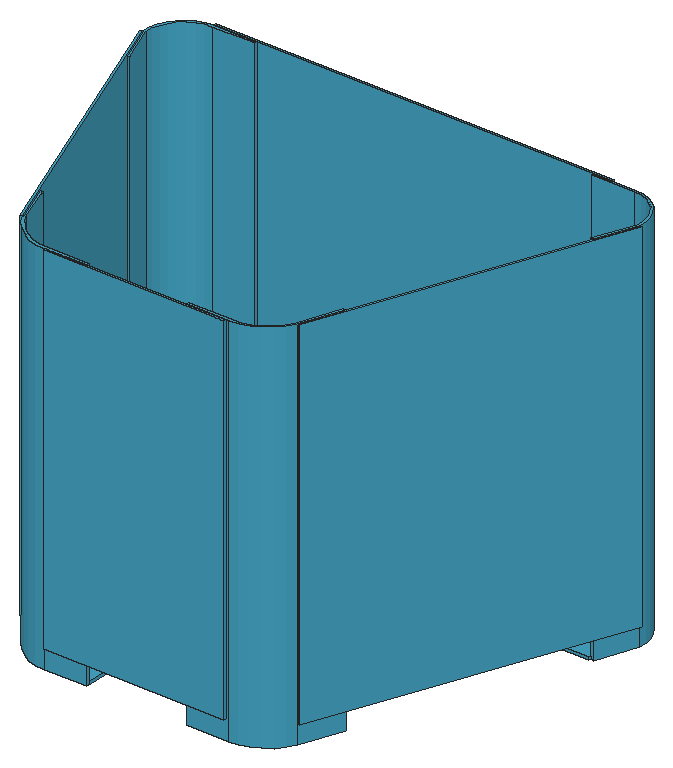
Revit family "product code 61510-S", category Meble, Revit 2021
Family settings
  Numer OmniClass = 23.40.20.00
  Tytuł OmniClass = General Furniture and Specialties
  Oparty na płaszczyźnie roboczej = Nie
  Zawsze pionowo = Tak
  Tnij formami wycięć po wczytaniu = Nie
  Współdzielony = Nie
  Punkt obliczania pomieszczeń = Nie
Parameters (values of type "61510-S")
  metal = Kobenhagen RAL 5012
  Width = "44 cm"
  Weight = "35 kg"
  URL = "https://kobenhagen.com/en_US/p/Kdbyen-Small-Plant-Case/182"
  Size = "70 L"
  Product line = "Kødbyen"
  Product Groups = "Plant Cases"
  Producent = "Lars Laj"
  Keynote = ""
  Opis = "Kødbyen Small Plant Case"
  Model = "61510-S"
  Material = "Powder coated steel"
  Maintenance = "We recommend to examine and tighten all screws and bolt clamps after a few weeks’ use. In order to prevent cracks and to extend the life of the wood, it is recommended that the wood details should be oiled every 3-5 years."
  Lenght = "60 cm"
  Type Comments = ""
  Kobenhagen Materials = "larslaj.com/bim"
  Hosted on larslaj.com = "https://larslaj.com/bim"
  Height = "45 cm"
  Domyślna rzędna = 0 mm
  Copyright = "All designs and drawings are the intellectual property of Lars Laj A/S and are protected by Danish and international copyright laws."
Reference planes
  plane 1 "front": y = 0
  plane 2: z = 0
  plane 3 "Środek (Lewa/Prawa)": x = 0
  plane 4 "left": x = -247.535
  plane 5 "back": y = 400
  plane 6: x = 264.233
  plane 7: z = 301.491
Forms (mm)
  Extrusion 1, solid, material "Kobenhagen RAL 5012" <- "metal", not visible
    sketch origin (0, 0, 0) x (0, 1, 0) y (0, 0, 1)
      loop
        arc (71.187, 451.5) -> (57.045, 445.642) -> (51.187, 431.5) r 20
        line (51.187, 431.5) -> (51.187, 18.231)
        arc (51.187, 18.231) -> (56.527, 5.34) -> (69.418, 0) r 18.231
        line (69.418, 0) -> (153.638, 0) -> (153.638, 15) -> (448.638, 15) -> (448.638, 0) -> (527.023, 0)
        arc (527.023, 0) -> (542.307, 6.331) -> (548.638, 21.615) r 21.615
        line (548.638, 21.615) -> (548.638, 429.407)
        arc (548.638, 429.407) -> (542.168, 445.029) -> (526.545, 451.5) r 22.093
        line (526.545, 451.5) -> (71.187, 451.5)
    from 750.378 to 745
  Extrusion 2, solid, material "Kobenhagen RAL 5012" <- "metal", not visible
    sketch origin (0, 0, 0) x (0, 1, 0) y (0, 0, 1)
      loop
        line (548.638, 396.844) -> (629.375, 854.725) -> (601.836, 859.581)
        arc (601.836, 859.581) -> (585.224, 855.898) -> (576.082, 841.547) r 22.232
        line (576.082, 841.547) -> (507.306, 451.5) -> (526.545, 451.5)
        arc (526.545, 451.5) -> (542.168, 445.029) -> (548.638, 429.407) r 22.093
        line (548.638, 429.407) -> (548.638, 396.844)
    from 745 to 750.378
  Extrusion 3, solid, material "Kobenhagen RAL 5012" <- "metal"
    sketch origin (240, 0, 0) x (1, 0, 0) y (0, 1, 0)
      loop
        line (-482.308, 399.984) -> (-431.455, 399.883) -> (-431.455, 402.983) -> (-482.358, 402.984)
        arc (-482.358, 402.984) -> (-515.397, 387.439) -> (-527.195, 352.883) r 46.771
        line (-527.195, 352.883) -> (-509.112, 305.896) -> (-505.919, 305.896) -> (-524.234, 353.541)
        arc (-524.234, 353.541) -> (-513.075, 385.613) -> (-482.308, 399.984) r 43.652
      loop
        line (-391.774, 9.365) -> (-409.853, 56.34) -> (-413.068, 56.34) -> (-394.546, 8.213)
        arc (-394.546, 8.213) -> (-372.56, -17.482) -> (-340.133, -27.077) r 59.594
        line (-340.133, -27.077) -> (-290.133, -27.077) -> (-290.133, -24.077) -> (-340.133, -24.077)
        arc (-340.133, -24.077) -> (-370.895, -14.987) -> (-391.774, 9.365) r 56.594
      loop
        arc (21.058, 399.984) -> (51.825, 385.613) -> (62.984, 353.541) r 43.652
        line (62.984, 353.541) -> (44.669, 305.896) -> (47.862, 305.896) -> (65.945, 352.883)
        arc (65.945, 352.883) -> (54.147, 387.439) -> (21.108, 402.984) r 46.771
        line (21.108, 402.984) -> (-29.795, 402.983) -> (-29.795, 399.883) -> (21.058, 399.984)
      loop
        arc (-69.476, 9.365) -> (-90.355, -14.987) -> (-121.117, -24.077) r 56.594
        line (-121.117, -24.077) -> (-171.117, -24.077) -> (-171.117, -27.077) -> (-121.117, -27.077)
        arc (-121.117, -27.077) -> (-88.69, -17.482) -> (-66.704, 8.213) r 59.594
        line (-66.704, 8.213) -> (-48.182, 56.34) -> (-51.397, 56.34) -> (-69.476, 9.365)
    from 0 to 450
  Extrusion 4, solid, material "Kobenhagen RAL 5012" <- "metal"
    sketch origin (240, 0, 0) x (1, 0, 0) y (0, 1, 0)
      loop
        line (-394.546, 8.213) -> (-527.195, 352.883) -> (-529.995, 351.806) -> (-397.345, 7.135) -> (-394.546, 8.213)
      loop
        line (-66.704, 8.213) -> (-63.905, 7.135) -> (68.745, 351.806) -> (65.945, 352.883) -> (-66.704, 8.213)
      loop
        line (-482.36, 402.984) -> (-7.88, 402.984) -> (-7.88, 405.883) -> (-482.36, 405.883) -> (-482.36, 402.984)
      loop
        line (-339.133, -27.077) -> (-339.133, -30.068) -> (-124.366, -30.068) -> (-124.366, -27.077) -> (-339.133, -27.077)
    from 23.5 to 450
  Extrusion 5, solid, material "Kobenhagen RAL 5012"
    sketch origin (240, 0, 0) x (1, 0, 0) y (0, 1, 0)
      loop
        arc (-491.434, 401.734) -> (-515.667, 384.474) -> (-527.242, 357.066) r 54.56
        line (-527.242, 357.066) -> (-390.047, 0.584)
        arc (-390.047, 0.584) -> (-368.516, -19.259) -> (-340.133, -26.452) r 59.594
        line (-340.133, -26.452) -> (-124.867, -26.452)
        arc (-124.867, -26.452) -> (-95.091, -18.48) -> (-73.282, 3.303) r 59.594
        line (-73.282, 3.303) -> (62.312, 355.623)
        arc (62.312, 355.623) -> (51.161, 384.938) -> (24.673, 401.734) r 49.688
        line (24.673, 401.734) -> (-491.434, 401.734)
    from 23.5 to 27.496
  Extrusion 6, solid, material "Kobenhagen RAL 5012" <- "metal"
    sketch origin (240, 0, 0) x (1, 0, 0) y (0, 1, 0)
      loop
        line (-524.234, 353.541) -> (-505.091, 303.741) -> (-431.455, 303.741) -> (-431.455, 399.883) -> (-482.308, 399.984)
        arc (-482.308, 399.984) -> (-513.075, 385.613) -> (-524.234, 353.541) r 43.652
      loop
        arc (62.984, 353.541) -> (51.825, 385.613) -> (21.058, 399.984) r 43.652
        line (21.058, 399.984) -> (-29.795, 399.883) -> (-29.795, 303.741) -> (43.841, 303.741) -> (62.984, 353.541)
      loop
        arc (-391.774, 9.365) -> (-370.895, -14.987) -> (-340.133, -24.077) r 56.594
        line (-340.133, -24.077) -> (-290.133, -24.077) -> (-290.133, 55.901) -> (-409.684, 55.901) -> (-391.774, 9.365)
      loop
        line (-69.476, 9.365) -> (-51.566, 55.901) -> (-171.117, 55.901) -> (-171.117, -24.077) -> (-121.117, -24.077)
        arc (-121.117, -24.077) -> (-90.355, -14.987) -> (-69.476, 9.365) r 56.594
    from 0 to 3.212
Dimensions and locks
  aligned and locked: level to plane 2
